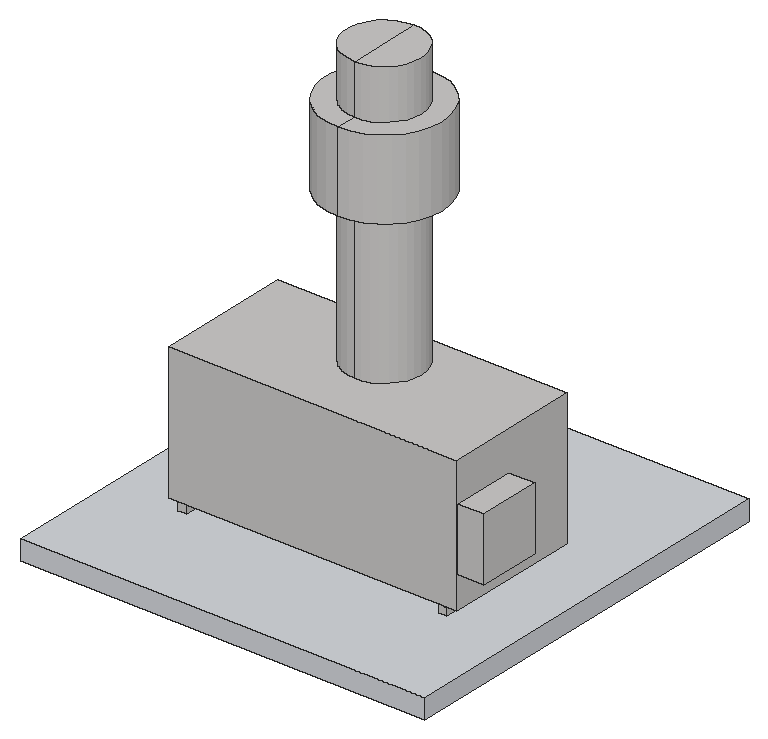
Revit family "DC_Rheem_PLM_Raypak_B1362HWT", category Plumbing Fixtures, host Face, Revit 2020
Family settings
  Host = Face
  Round Connector Dimension = Use Radius
  Part Type = Normal
  Cut with Voids When Loaded = No
  Shared = No
  Room Calculation Point = No
Parameters (values of type "Raypak - Gas Water Heater- Outdoor - 1296 MJ/h  Propane gas, On/Off gas control")
  URL = "http://www.rheem.com.au/CommercialProducts"
  Type Comments = "Recovery 4988L/h @ 50°C rise\r\n"
  TopSmalDia_ANZRS = 450 mm
  TopH2_ANZRS = 480 mm
  TopH1Materials_ANZRS = 300 mm
  TopBigDiameter_ANZRS = 700 mm
  Materials_ANZRS = Raypak - Grey Powder Coated Steel
  PVRRadius_ANZRS = 15 mm
  PVRDist_ANZRS = 85 mm
  Model = "B1357PCO/HWT\r\n"
  Manufacturer = "Raypak\r\n"
  Length_ANZRS = 1740 mm
  HotWaterPipeDist_ANZRS = 155 mm
  HotWaterPipeRadius_ANZRS = 32.5 mm
  HotWaterPipeDiameter_ANZRS = HotWaterPipeRadius_ANZRS * 2  # 65 mm
  Height_ANZRS = 2570 mm
  GasPipeRadius_ANZRS = 16 mm
  GasPipeHeight_ANZRS = 410 mm
  GasPipeDist_ANZRS = 130 mm
  GasPipeDiameter_ANZRS = GasPipeRadius_ANZRS * 2  # 32 mm
  EleBoxWidth_ANZRS = 160 mm
  EleBoxHeightfromBase_ANZRS = 245 mm
  EleBoxHeight_ANZRS = 380 mm
  DesignBy_ANZRS = "Design Content ©"
  Description = "Raypak - Gas Water Heater- Outdoor - 1296 MJ/h  Propane gas, On/Off gas control\r\n\r\n"
  Default Elevation = 0 mm
  ConnHeight_ANZRS = 755 mm
  ColdWaterPipeRadius_ANZRS = 32.5 mm
  ColdWaterPipeDisi_ANZRS = 280 mm
  ColdWaterPipeDiameter_ANZRS = ColdWaterPipeRadius_ANZRS * 2  # 65 mm
  BoxHeight_ANZRS = 860 mm
  BaseWidth_ANZRS = 50 mm
  BaseHeight_ANZRS = 45 mm
  BaseDist_ANZRS = 60 mm
  Author_ANZRS = "DM"
  Assembly Code = ""
Types (5, lengths in mm): name | URL | Type Comments | Model | GasPipeRadius_ANZRS | GasPipeDiameter_ANZRS | Description
  (no name) | "http://www.rheem.com.au/downloads/PDF/Raypak_Mechanical_Heating_Brochure_July_09.pdf\r\n" | "Recovery 4988L/h @ 50°C rise\r\n" | "B1357PCO/HWT\r\n" | 16 | 32 | "Raypak - Gas Water Heater- Outdoor - 1296 MJ/h  Propane gas, On/Off gas control\r\n\r\n"
  Raypak - Gas Water Heater- Outdoor - 1357 MJ/h  Natural gas, modulating gas control | "http://www.rheem.com.au/CommercialProducts" | "Recovery 5160L/h @ 50°C rise\r\n" | "B1357NCM/HWT\r\n" | 20 | 40 | "Raypak - Gas Water Heater- Outdoor - 1357 MJ/h  Natural gas, modulating gas control\r\n"
  Raypak - Gas Water Heater- Outdoor - 1357 MJ/h  Natural gas, On/Off gas control | "http://www.rheem.com.au/CommercialProducts" | "Recovery 5160L/h @ 50°C rise\r\n" | "B1357NCO/HWT\r\n\r\n" | 20 | 40 | "Raypak - Gas Water Heater- Outdoor - 1357 MJ/h  Natural gas, On/Off gas control\r\n"
  Raypak - Gas Water Heater- Outdoor - 1296 MJ/h  Propane gas, modulating gas control | "http://www.rheem.com.au/CommercialProducts" | "Recovery 4988L/h @ 50°C rise\r\n" | "B1357PCM/HWT\r\n\r\n\r\n" | 12.5 | 25 | "Raypak - Gas Water Heater- Outdoor - 1296 MJ/h  Propane gas, modulating gas control\r\n"
  Raypak - Gas Water Heater- Outdoor - 1296 MJ/h  Propane gas, On/Off gas control | "http://www.rheem.com.au/CommercialProducts" | "Recovery 4988L/h @ 50°C rise\r\n" | "B1357PCO/HWT\r\n" | 16 | 32 | "Raypak - Gas Water Heater- Outdoor - 1296 MJ/h  Propane gas, On/Off gas control\r\n\r\n"
Reference planes
  plane 1 "Center (Front/Back)": y = 0
  plane 2: z = 0
  plane 3 "Center (Left/Right)": x = 0
  plane 4: z = 45
  plane 5: x = -870
  plane 6: x = 870
  plane 7: x = 1030
  plane 8: z = 245
  plane 9: z = 860
  plane 10: x = -810
  plane 11: x = 810
  plane 12: x = -760
  plane 13: x = 760
  plane 14: y = 285
  plane 15: y = -540
  plane 16: z = 2570
  plane 17: z = 2270
  plane 18: z = 1790
  plane 19: y = 225
  plane 20: y = -225
  plane 21: y = 350
  plane 22: y = -350
  plane 23: z = 755
  plane 24: y = 200
  plane 25: y = 130
  plane 26: y = -150
  plane 27: y = -410
  plane 28: z = 410
  plane 29: z = 625
  plane 30: x = -225
  plane 31: x = 225
  plane 32: x = -350
  plane 33: x = 350
  plane 34: x = -860
  plane 35: x = -890
  plane 36: y = -155
Forms (mm)
  Extrusion 1, solid
    sketch origin (0, 0, 0) x (1, 0, 0) y (0, 1, 0)
      loop
        line (-1219.2, 1219.2) -> (-1219.2, -1219.2) -> (1219.2, -1219.2) -> (1219.2, 1219.2) -> (-1219.2, 1219.2)
    from 0 to -120
  Extrusion 2, solid, material "Raypak - Grey Powder Coated Steel" <- "Materials_ANZRS"
    sketch origin (0, 0, 0) x (1, 0, 0) y (0, 0, 1)
      loop
        line (-810, 45) -> (-810, 0) -> (-760, 0) -> (-760, 45) -> (-810, 45)
      loop
        line (760, 45) -> (760, 0) -> (810, 0) -> (810, 45) -> (760, 45)
    from -285 to 540
  Extrusion 3, solid, material "Raypak - Grey Powder Coated Steel" <- "Materials_ANZRS"
    sketch origin (0, 0, 0) x (1, 0, 0) y (0, 1, 0)
      loop
        line (-870, 285) -> (-870, -540) -> (870, -540) -> (870, 285) -> (-870, 285)
    from 45 to 860
  Revolve 4, solid, material "Raypak - Grey Powder Coated Steel" <- "Materials_ANZRS"
    sketch origin (0, 0, 0) x (0, 1, 0) y (0, 0, 1)
      loop
        line (0, 2570) -> (-225, 2570) -> (-225, 2270) -> (-350, 2270) -> (-350, 1790) -> (-225, 1790) -> (-225, 860) -> (0, 860) -> (0, 2570)
      axis (0, 2570) -> (0, 860)
    angle from 0 to 360
  Extrusion 5, solid, material "Raypak - Grey Powder Coated Steel" <- "Materials_ANZRS"
    sketch origin (0, 0, 0) x (1, 0, 0) y (0, 0, 1)
      loop
        line (870, 625) -> (870, 245) -> (1030, 245) -> (1030, 625) -> (870, 625)
    from 155 to 540
  Extrusion 6, void
    sketch origin (0, 0, 0) x (0, 1, 0) y (0, 0, 1)
      loop
        circle (200, 755) r 15
      loop
        circle (130, 755) r 32.5
      loop
        circle (-150, 755) r 32.5
    from -870 to -860
  Extrusion 7, solid, material "Raypak - Grey Powder Coated Steel" <- "Materials_ANZRS"
    sketch origin (0, 0, 0) x (0, 1, 0) y (0, 0, 1)
      loop
        circle (-410, 410) r 16
    from -890 to -870
Cuts and joins
  Extrusion 6 cuts Extrusion 3
  joined: Extrusion 3, Extrusion 7
Lines and regions (mm)
  Masking region 1
    outline origin (0, 0, 0) x (1, 0, 0) y (0, 1, 0)
      loop
        line (-870, 285) -> (-870, -395) -> (-890, -395) -> (-890, -425) -> (-870, -425) -> (-870, -540) -> (1030, -540) -> (1030, -155) -> (870, -155) -> (870, 285) -> (203.162, 285)
        arc (203.162, 285) -> (106.654, 333.354) -> (0, 350) r 350
        arc (0, 350) -> (-106.654, 333.354) -> (-203.162, 285) r 350
        line (-203.162, 285) -> (-870, 285)
  Masking region 2
    outline origin (0, 0, 0) x (1, 0, 0) y (0, 0, 1)
      loop
        line (225, 2570) -> (-225, 2570) -> (-225, 2270) -> (-350, 2270) -> (-350, 1790) -> (-225, 1790) -> (-225, 860) -> (-870, 860) -> (-870, 425) -> (-890, 425) -> (-890, 395) -> (-870, 395) -> (-870, 45) -> (-810, 45) -> (-810, 0) -> (-760, 0) -> (-760, 45) -> (760, 45) -> (760, 0) -> (810, 0) -> (810, 45) -> (870, 45) -> (870, 245) -> (1030, 245) -> (1030, 625) -> (870, 625) -> (870, 860) -> (225, 860) -> (225, 1790) -> (350, 1790) -> (350, 2270) -> (225, 2270) -> (225, 2570)
  Masking region 3
    outline origin (0, 0, 0) x (0, 1, 0) y (0, 0, 1)
      loop
        line (225, 2570) -> (-225, 2570) -> (-225, 2270) -> (-350, 2270) -> (-350, 1790) -> (-225, 1790) -> (-225, 860) -> (-540, 860) -> (-540, 0) -> (285, 0) -> (285, 860) -> (225, 860) -> (225, 1790) -> (350, 1790) -> (350, 2270) -> (225, 2270) -> (225, 2570)
  symbolic lines, style "Rheem Raypak", detail levels fine
    curve 1: line (-350, 0, 2270) -> (-350, 0, 1790)
    curve 2: line (-350, 0, 1790) -> (350, 0, 1790)
    curve 3: line (-225, 0, 1790) -> (-225, 0, 860)
    curve 4: line (-225, 0, 2570) -> (-225, 0, 2270)
    curve 5: line (225, 0, 2570) -> (-225, 0, 2570)
    curve 6: line (225, 0, 2270) -> (225, 0, 2570)
    curve 7: line (350, 0, 2270) -> (-350, 0, 2270)
    curve 8: line (350, 0, 1790) -> (350, 0, 2270)
    curve 9: line (225, 0, 860) -> (225, 0, 1790)
    curve 10: line (870, 0, 860) -> (-870, 0, 860)
    curve 11: line (870, 0, 45) -> (870, 0, 860)
    curve 12: line (-870, 0, 860) -> (-870, 0, 45)
    curve 13: line (-870, 0, 45) -> (870, 0, 45)
    curve 14: line (-760, 0, 0) -> (-760, 0, 45)
    curve 15: line (-810, 0, 0) -> (-760, 0, 0)
    curve 16: line (-810, 0, 45) -> (-810, 0, 0)
    curve 17: line (810, 0, 0) -> (810, 0, 45)
    curve 18: line (760, 0, 45) -> (760, 0, 0)
    curve 19: line (760, 0, 0) -> (810, 0, 0)
    curve 20: line (870, 0, 245) -> (1030, 0, 245)
    curve 21: line (1030, 0, 245) -> (1030, 0, 625)
    curve 22: line (1030, 0, 625) -> (870, 0, 625)
    curve 23: line (-890, 0, 395) -> (-870, 0, 395)
    curve 24: line (-890, 0, 425) -> (-890, 0, 395)
    curve 25: line (-870, 0, 425) -> (-890, 0, 425)
    curve 26: line (0, -350, 2270) -> (0, 350, 2270)
    curve 27: line (0, -350, 1790) -> (0, 350, 1790)
    curve 28: line (0, 350, 1790) -> (0, 350, 2270)
    curve 29: line (0, -350, 2270) -> (0, -350, 1790)
    curve 30: line (0, -225, 2570) -> (0, -225, 2270)
    curve 31: line (0, 225, 2270) -> (0, 225, 2570)
    curve 32: line (0, -225, 2570) -> (0, 225, 2570)
    curve 33: line (0, -225, 1790) -> (0, -225, 860)
    curve 34: line (0, 225, 860) -> (0, 225, 1790)
    curve 35: line (0, 285, 860) -> (0, -540, 860)
    curve 36: line (0, -540, 860) -> (0, -540, 45)
    curve 37: line (0, 285, 45) -> (0, 285, 860)
    curve 38: line (0, -540, 45) -> (0, 285, 45)
    curve 39: line (0, 285, 0) -> (0, 285, 45)
    curve 40: line (0, -540, 45) -> (0, -540, 0)
    curve 41: line (0, -540, 0) -> (0, 285, 0)
    curve 42: arc (0, -182.5, 755) -> (0, -150, 722.5) -> (0, -117.5, 755) r 32.5
    curve 43: arc (0, -117.5, 755) -> (0, -150, 787.5) -> (0, -182.5, 755) r 32.5
    curve 44: arc (0, -394, 410) -> (0, -410, 394) -> (0, -426, 410) r 16
    curve 45: arc (0, -426, 410) -> (0, -410, 426) -> (0, -394, 410) r 16
    curve 46: arc (0, 97.5, 755) -> (0, 130, 722.5) -> (0, 162.5, 755) r 32.5
    curve 47: arc (0, 162.5, 755) -> (0, 130, 787.5) -> (0, 97.5, 755) r 32.5
    curve 48: arc (0, 185, 755) -> (0, 200, 740) -> (0, 215, 755) r 15
    curve 49: arc (0, 215, 755) -> (0, 200, 770) -> (0, 185, 755) r 15
    curve 50: arc (0, -350, 0) -> (-350, 0, 0) -> (0, 350, 0) r 350
    curve 51: arc (0, 350, 0) -> (350, 0, 0) -> (0, -350, 0) r 350
    curve 52: arc (0, 225, 0) -> (225, 0, 0) -> (0, -225, 0) r 225
    curve 53: arc (0, -225, 0) -> (-225, 0, 0) -> (0, 225, 0) r 225
    curve 54: line (870, 285, 0) -> (203.162, 285, 0)
    curve 55: line (870, -540, 0) -> (870, 285, 0)
    curve 56: line (-870, -540, 0) -> (870, -540, 0)
    curve 57: line (-870, 285, 0) -> (-870, -540, 0)
    curve 58: line (1030, -540, 0) -> (1030, -155, 0)
    curve 59: line (870, -540, 0) -> (1030, -540, 0)
    curve 60: line (-890, -395, 0) -> (-890, -425, 0)
    curve 61: line (-203.162, 285, 0) -> (-870, 285, 0)
    curve 62: line (-890, -395, 0) -> (-870, -395, 0)
    curve 63: line (-890, -425, 0) -> (-870, -425, 0)
Dimensions and locks
  "BaseHeight_ANZRS": plane 4 to level
  equal spacing: plane 6, plane 3 "Center (Left/Right)", plane 5
  "Length_ANZRS": plane 5 to plane 6
  "EleBoxWidth_ANZRS": plane 6 to plane 7
  "EleBoxHeightfromBase_ANZRS": plane 8 to Extrusion 1
  "EleBoxHeight_ANZRS": plane 29 to plane 8
  "BaseDist_ANZRS": plane 10 to plane 5
  "BaseDist_ANZRS": plane 11 to plane 6
  "BaseWidth_ANZRS": plane 10 to plane 12
  "BaseWidth_ANZRS": plane 11 to plane 13
  plane 1 "Center (Front/Back)" to plane 15 = 540 mm
  plane 14 to plane 15 = 825 mm
  "Height_ANZRS": plane 16 to Extrusion 1
  "TopSmalDia_ANZRS": plane 19 to plane 20
  equal spacing: plane 19, plane 1 "Center (Front/Back)", plane 20
  equal spacing: plane 21, plane 1 "Center (Front/Back)", plane 22
  "TopBigDiameter_ANZRS": plane 21 to plane 22
  "ConnHeight_ANZRS": plane 23 to Extrusion 1
  "BoxHeight_ANZRS": plane 9 to Extrusion 1
  "PVRDist_ANZRS": plane 14 to plane 24
  "HotWaterPipeDist_ANZRS": plane 14 to plane 25
  "ColdWaterPipeDisi_ANZRS": plane 25 to plane 26
  "GasPipeDist_ANZRS": plane 27 to plane 15
  "GasPipeHeight_ANZRS": plane 28 to Extrusion 1
  "TopH1Materials_ANZRS": plane 16 to plane 17
  "TopH2_ANZRS": plane 17 to plane 18
  equal spacing: plane 32, plane 3 "Center (Left/Right)", plane 33
  "TopSmalDia_ANZRS": plane 30 to plane 31
  equal spacing: plane 30, plane 3 "Center (Left/Right)", plane 31
  "TopBigDiameter_ANZRS": plane 32 to plane 33
  locked: plane 5 to plane 34 at 10
  locked: plane 35 to plane 5 at 20
  "ColdWaterPipeRadius_ANZRS": radius of Extrusion 6 sketch curve
  "HotWaterPipeRadius_ANZRS": radius of Extrusion 6 sketch curve
  "PVRRadius_ANZRS": radius of Extrusion 6 sketch curve
  "GasPipeRadius_ANZRS": radius of Extrusion 7 sketch curve
  aligned and locked: plane 2 to Extrusion 1
  aligned and locked: level to Extrusion 1
  aligned and locked: Extrusion 2 sketch curve to plane 4  (x2)
  aligned and locked: Extrusion 2 sketch curve to plane 10
  aligned and locked: level to Extrusion 2 sketch curve  (x2)
  aligned and locked: plane 12 to Extrusion 2 sketch curve
  aligned and locked: plane 13 to Extrusion 2 sketch curve
  aligned and locked: plane 11 to Extrusion 2 sketch curve
  aligned and locked: plane 14 to Extrusion 3 sketch curve
  aligned and locked: plane 15 to Extrusion 3 sketch curve
  aligned and locked: plane 6 to Extrusion 3 sketch curve
  aligned and locked: plane 9 to Extrusion 3
  aligned and locked: Extrusion 3 to plane 4
  aligned and locked: Extrusion 2 to plane 15
  aligned and locked: Extrusion 2 to plane 14
  aligned and locked: plane 16 to Revolve 4 sketch curve
  aligned and locked: Revolve 4 sketch curve to plane 20
  aligned and locked: Revolve 4 sketch curve to plane 22
  aligned and locked: plane 9 to Revolve 4 sketch curve
  aligned and locked: Revolve 4 sketch curve to plane 1 "Center (Front/Back)"
  aligned and locked: Extrusion 5 sketch curve to plane 29
  aligned and locked: Extrusion 5 sketch curve to plane 6
  aligned and locked: plane 8 to Extrusion 5 sketch curve
  aligned and locked: plane 7 to Extrusion 5 sketch curve
  aligned: Extrusion 2 to Extrusion 5
  aligned and locked: Extrusion 5 to Extrusion 2
  aligned and locked: plane 24 to Extrusion 6 sketch curve
  aligned and locked: plane 23 to Extrusion 6 sketch curve  (x3)
  aligned and locked: plane 25 to Extrusion 6 sketch curve
  aligned and locked: plane 26 to Extrusion 6 sketch curve
  aligned and locked: Extrusion 3 to plane 5
  aligned and locked: Extrusion 6 to plane 5
  aligned and locked: Extrusion 6 to plane 34
  aligned and locked: plane 28 to Extrusion 7 sketch curve
  aligned and locked: plane 27 to Extrusion 7 sketch curve
  aligned and locked: plane 35 to Extrusion 7
  aligned: Extrusion 7 to plane 34
  aligned and locked: plane 5 to Extrusion 7
  aligned and locked: Masking region 1 sketch curve to Extrusion 5  (x2)
  aligned and locked: cut or joined group of Extrusion 3, Extrusion 6, Extrusion 7 to Masking region 1 sketch curve
  aligned and locked: Masking region 1 sketch curve to Revolve 4  (x2)
  aligned and locked: Masking region 2 sketch curve to plane 31
  aligned and locked: Masking region 2 sketch curve to plane 30
  aligned and locked: Masking region 2 sketch curve to plane 16
  aligned and locked: Masking region 2 sketch curve to plane 17
  aligned and locked: Masking region 2 sketch curve to plane 18
  aligned and locked: plane 33 to Masking region 2 sketch curve
  aligned and locked: Masking region 2 sketch curve to plane 32
  aligned and locked: Masking region 2 sketch curve to plane 9
  aligned and locked: plane 6 to Masking region 2 sketch curve
  aligned and locked: Masking region 2 sketch curve to plane 29
  aligned and locked: Masking region 2 sketch curve to plane 8
  aligned and locked: plane 7 to Masking region 2 sketch curve
  aligned and locked: cut or joined group of Extrusion 3, Extrusion 6, Extrusion 7 to Masking region 2 sketch curve
  aligned and locked: Masking region 2 sketch curve to plane 5
  aligned and locked: Extrusion 1 to Masking region 2 sketch curve  (x2)
  aligned and locked: plane 16 to Masking region 3 sketch curve
  aligned and locked: plane 17 to Masking region 3 sketch curve
  aligned and locked: Masking region 3 sketch curve to plane 22
  aligned and locked: Masking region 3 sketch curve to plane 21
  aligned and locked: Masking region 3 sketch curve to plane 19
  aligned and locked: Masking region 3 sketch curve to plane 20
  aligned and locked: plane 9 to Masking region 3 sketch curve
  aligned and locked: Masking region 3 sketch curve to plane 15
  aligned and locked: plane 14 to Masking region 3 sketch curve
  aligned and locked: Extrusion 1 to Masking region 3 sketch curve
  aligned and locked: plane 18 to Masking region 3 sketch curve
  aligned and locked: Masking region 2 sketch curve to plane 12
  aligned and locked: Masking region 2 sketch curve to plane 10
  aligned and locked: Masking region 2 sketch curve to plane 11
  aligned and locked: plane 13 to Masking region 2 sketch curve
  aligned and locked: Masking region 2 sketch curve to plane 4  (x3)
  aligned and locked: curve 1 to Masking region 2
  aligned and locked: curve 2 to Masking region 2
  aligned and locked: curve 3 to Masking region 2
  aligned and locked: curve 4 to Masking region 2
  aligned and locked: curve 5 to Masking region 2
  aligned and locked: curve 6 to Masking region 2
  aligned and locked: curve 7 to Masking region 2
  aligned and locked: curve 8 to Masking region 2
  aligned and locked: curve 9 to Masking region 2
  aligned and locked: curve 10 to cut or joined group of Extrusion 3, Extrusion 6, Extrusion 7
  aligned and locked: curve 11 to cut or joined group of Extrusion 3, Extrusion 6, Extrusion 7
  aligned and locked: curve 12 to cut or joined group of Extrusion 3, Extrusion 6, Extrusion 7
  aligned and locked: curve 13 to cut or joined group of Extrusion 3, Extrusion 6, Extrusion 7
  aligned and locked: curve 14 to Extrusion 2
  aligned and locked: curve 15 to Extrusion 2
  aligned and locked: curve 16 to Extrusion 2
  aligned and locked: curve 17 to Extrusion 2
  aligned and locked: curve 18 to Extrusion 2
  aligned and locked: curve 19 to Extrusion 2
  aligned and locked: curve 20 to Extrusion 5
  aligned and locked: curve 21 to Extrusion 5
  aligned and locked: curve 22 to Extrusion 5
  aligned and locked: curve 23 to Masking region 2
  aligned and locked: cut or joined group of Extrusion 3, Extrusion 6, Extrusion 7 to curve 24
  aligned and locked: curve 25 to Masking region 2
  aligned and locked: curve 26 to Revolve 4
  aligned and locked: curve 27 to Revolve 4
  aligned and locked: curve 28 to Masking region 3
  aligned and locked: curve 29 to Masking region 3
  aligned and locked: curve 30 to Masking region 3
  aligned and locked: curve 31 to Masking region 3
  aligned and locked: curve 32 to Revolve 4
  aligned and locked: curve 33 to Masking region 3
  aligned and locked: curve 34 to Masking region 3
  aligned and locked: curve 35 to cut or joined group of Extrusion 3, Extrusion 6, Extrusion 7
  aligned and locked: curve 36 to cut or joined group of Extrusion 3, Extrusion 6, Extrusion 7
  aligned and locked: curve 37 to cut or joined group of Extrusion 3, Extrusion 6, Extrusion 7
  aligned and locked: curve 38 to cut or joined group of Extrusion 3, Extrusion 6, Extrusion 7
  aligned and locked: curve 39 to Extrusion 2
  aligned and locked: curve 40 to Extrusion 2
  aligned and locked: curve 41 to Extrusion 2
  aligned and locked: curve 48 to cut or joined group of Extrusion 3, Extrusion 6, Extrusion 7
  aligned and locked: curve 49 to cut or joined group of Extrusion 3, Extrusion 6, Extrusion 7
  aligned and locked: curve 50 to Revolve 4
  aligned and locked: curve 51 to Revolve 4
  aligned and locked: curve 52 to Revolve 4
  aligned and locked: curve 53 to Revolve 4
  aligned and locked: curve 54 to cut or joined group of Extrusion 3, Extrusion 6, Extrusion 7
  aligned and locked: curve 55 to cut or joined group of Extrusion 3, Extrusion 6, Extrusion 7
  aligned and locked: curve 56 to cut or joined group of Extrusion 3, Extrusion 6, Extrusion 7
  aligned and locked: curve 57 to cut or joined group of Extrusion 3, Extrusion 6, Extrusion 7
  aligned and locked: curve 58 to Extrusion 5
  aligned and locked: curve 59 to Extrusion 5
  aligned and locked: cut or joined group of Extrusion 3, Extrusion 6, Extrusion 7 to curve 60
  aligned and locked: curve 46 to cut or joined group of Extrusion 3, Extrusion 6, Extrusion 7
  aligned and locked: curve 42 to cut or joined group of Extrusion 3, Extrusion 6, Extrusion 7
  aligned and locked: curve 44 to cut or joined group of Extrusion 3, Extrusion 6, Extrusion 7
Automatic sketch dimensions
  Extrusion 1 sketch curve to Extrusion 1 sketch curve = 2438.4 mm  (x2)
  Revolve 4 sketch curve to plane 1 "Center (Front/Back)" = 0 mm
  Revolve 4 sketch curve to plane 16 = 51.193 mm
  Revolve 4 sketch curve to level = 2207.352 mm
  Revolve 4 sketch curve to plane 18 = 0 mm
  Revolve 4 sketch curve to plane 20 = 0 mm
  Revolve 4 sketch curve to plane 17 = 0 mm
  Extrusion 3 sketch curve to plane 5 = 0 mm
  plane 27 to Masking region 1 sketch curve = 15 mm
  Masking region 1 sketch curve to plane 27 = 15 mm
  Masking region 1 sketch curve to plane 5 = 0 mm  (x2)
  plane 14 to Masking region 1 sketch curve = 0 mm  (x2)
  plane 30 to Masking region 2 sketch curve = 0 mm
  Masking region 2 sketch curve to plane 18 = 0 mm
  Masking region 2 sketch curve to plane 31 = 0 mm
  Masking region 2 sketch curve to plane 9 = 0 mm
  Masking region 2 sketch curve to plane 17 = 0 mm
  Masking region 2 sketch curve to plane 28 = 15 mm
  Masking region 2 sketch curve to plane 5 = 0 mm
  plane 28 to Masking region 2 sketch curve = 15 mm
  Masking region 3 sketch curve to plane 19 = 0 mm
  Masking region 3 sketch curve to plane 17 = 0 mm
  Masking region 3 sketch curve to plane 20 = 0 mm
  Masking region 3 sketch curve to plane 18 = 0 mm
  Masking region 3 sketch curve to plane 9 = 0 mm
  plane 6 to Masking region 2 sketch curve = 0 mm
  curve 3 to plane 9 = 0 mm
  curve 4 to plane 16 = 0 mm
  curve 5 to plane 31 = 0 mm
  curve 7 to plane 33 = 0 mm
  curve 8 to plane 18 = 0 mm
  curve 10 to plane 5 = 0 mm
  plane 6 to curve 10 = 0 mm
  curve 11 to plane 4 = 0 mm
  curve 14 to level = 0 mm
  plane 12 to curve 14 = 0 mm
  plane 10 to curve 15 = 0 mm
  curve 17 to level = 0 mm
  plane 11 to curve 17 = 0 mm
  curve 18 to plane 13 = 0 mm
  plane 7 to curve 20 = 0 mm
  curve 20 to plane 8 = 0 mm
  curve 21 to plane 29 = 0 mm
  plane 35 to curve 23 = 0 mm
  curve 23 to plane 28 = 15 mm
  plane 28 to curve 24 = 15 mm
  curve 9 to plane 31 = 0 mm
  plane 30 to curve 3 = 0 mm
  plane 32 to curve 1 = 0 mm
  plane 30 to curve 4 = 0 mm
  curve 1 to plane 17 = 0 mm
  curve 27 to plane 18 = 0 mm
  curve 27 to plane 22 = 0 mm
  curve 26 to plane 17 = 0 mm
  curve 27 to plane 21 = 0 mm
  curve 30 to plane 20 = 0 mm
  curve 31 to plane 19 = 0 mm
  curve 31 to plane 16 = 0 mm
  curve 33 to plane 20 = 0 mm
  curve 33 to plane 9 = 0 mm
  curve 34 to plane 19 = 0 mm
  curve 35 to plane 15 = 0 mm
  curve 35 to plane 14 = 0 mm
  curve 37 to plane 4 = 0 mm
  curve 40 to level = 0 mm
  curve 48 to plane 23 = 0 mm
  curve 49 to plane 24 = 0 mm
  plane 24 to curve 48 = 15 mm
  Masking region 1 sketch curve to plane 6 = 0 mm
  Masking region 1 sketch curve to plane 36 = 0 mm
  curve 63 to plane 35 = 0 mm
  curve 61 to plane 5 = 0 mm
  plane 14 to curve 61 = 0 mm
  plane 14 to curve 54 = 0 mm
  curve 54 to plane 6 = 0 mm
  curve 59 to plane 7 = 0 mm
  curve 56 to plane 15 = 0 mm
  curve 58 to plane 36 = 0 mm
  curve 61 to plane 30 = 21.838 mm
  plane 27 to curve 63 = 15 mm
  curve 62 to plane 27 = 15 mm
Connectors
  piping at (-870, 200, 755), diameter 30, driven by "PVRRadius_ANZRS"
    settings: on cut or joined group of Extrusion 3, Extrusion 6, Extrusion 7, index 1, connector inside diameter 1.1811", connector length 0 mm, flow factor 0, pipe flow 0 GPM, pressure drop 0.00 psi, fitting loss kfactor 0, connector angle 0.00°, fixture units 0, engagement length 0 mm, angle of deflection 0.00°, flow configuration 1, flow direction 2, fitting loss method 0, system type 22, joint type 0, gender type 0, connector reference index -1, connector utility 0, adjustable connector no, is connector primary yes, connector description "PRV"
  piping at (-870, 130, 755), diameter 65, driven by "HotWaterPipeRadius_ANZRS"
    settings: on cut or joined group of Extrusion 3, Extrusion 6, Extrusion 7, index 2, connector inside diameter 2.55906", connector length 0 mm, flow factor 0, pipe flow 0 GPM, pressure drop 0.00 psi, fitting loss kfactor 0, connector angle 0.00°, fixture units 0, engagement length 0 mm, angle of deflection 0.00°, flow configuration 1, flow direction 2, fitting loss method 0, system type 19, joint type 0, gender type 0, connector reference index -1, connector utility 0, adjustable connector no, is connector primary no, connector description ""
  piping at (-870, -150, 755), diameter 65, driven by "ColdWaterPipeRadius_ANZRS"
    settings: on cut or joined group of Extrusion 3, Extrusion 6, Extrusion 7, index 3, connector inside diameter 2.55906", connector length 0 mm, flow factor 0, pipe flow 0 GPM, pressure drop 0.00 psi, fitting loss kfactor 0, connector angle 0.00°, fixture units 0, engagement length 0 mm, angle of deflection 0.00°, flow configuration 1, flow direction 1, fitting loss method 0, system type 20, joint type 0, gender type 0, connector reference index -1, connector utility 0, adjustable connector no, is connector primary no, connector description ""
  piping at (-890, -410, 410), diameter 32, driven by "GasPipeRadius_ANZRS"
    settings: on cut or joined group of Extrusion 3, Extrusion 6, Extrusion 7, index 4, connector inside diameter 1.25984", connector length 0 mm, flow factor 0, pipe flow 0 GPM, pressure drop 0.00 psi, fitting loss kfactor 0, connector angle 0.00°, fixture units 0, engagement length 0 mm, angle of deflection 0.00°, flow configuration 1, flow direction 1, fitting loss method 0, system type 22, joint type 0, gender type 0, connector reference index -1, connector utility 0, adjustable connector no, is connector primary no, connector description "Gas"
